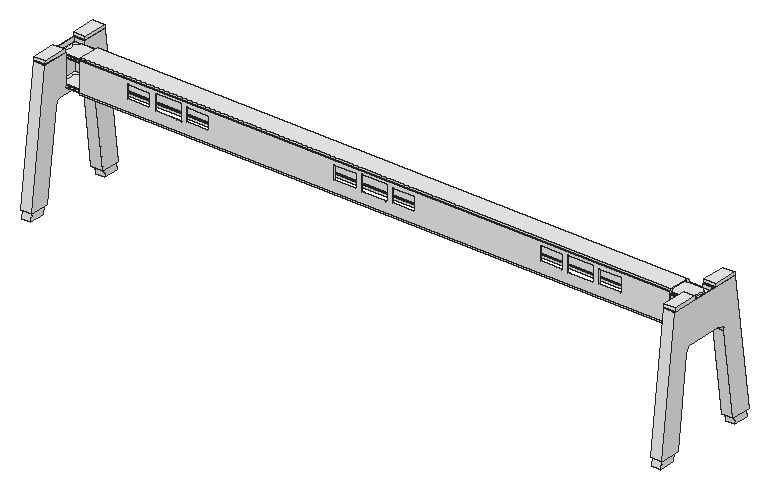
Revit family "Desk_Structures-Teknion-JNDBB_Structural_Beam_Low_Double_Sided-R2018", category Furniture, Revit 2018
Family settings
  OmniClass Number = 23.40.20.00
  OmniClass Title = General Furniture and Specialties
  Work Plane-Based = No
  Always vertical = Yes
  Cut with Voids When Loaded = No
  Shared = Yes
  Room Calculation Point = No
Parameters (values of type "Double Sided")
  Width Note [instance] = "Width of Beam can range from 24 to 84 inches in 6 inch increments"  # constant formula
  Width [instance] = 84.000"
  Warranty = "http://www.teknion.com/ca/papers/legal-canada"
  Unit Weight URL = "http://www.teknion.com/ca/tools/assets#&asset=bee6a381-b954-425e-8283-5a2de3a804f2,f828d448-4b62-4231-9e5f-9a8991c0ed77"
  URL = "www.teknion.com"
  To render please download texture images found here [instance] = "https://assets.teknion.com/web/5e81352c1dfdb467/revit-material-swatches/"
  Sustainability Data = "https://www.teknion.com/ca/tools/assets#&topic=216f99a5-57a0-44fc-b10a-9dee9b29ae4c&asset=444deb64-fe58-4b68-981e-f75e97781df7,b4ff2d81-9f2e-437d-9659-7cffb09c31cf"
  Structural Post Finish [instance] = Paint - Teknion - Mica - Very White
  Structural Beam Finish [instance] = Paint - Teknion - Mica - Very White
  Side B Leg Cutout Offset [instance] = if([Has Side B Low Structural Leg - Fence (End)], 4.025", 6.000")  # 4.025"
  Side B Leg Center Offset [instance] = if([Has Side B Low Structural Leg - Fence (End)], 2.636", 3.386")  # 2.636"
  Side B Cut [instance] = if(or(Width = 48.000", Width = 54.000", Width = 60.000", Width = 66.000", Width = 72.000", Width = 78.000", Width = 84.000"), 5.000", 1.000")  # 5.000"
  Side A Leg Cutout Offset [instance] = if([Has Side A Low Structural Leg - Fence (End)], 4.025", 6.000")  # 4.025"
  Side A Leg Center Offset [instance] = if([Has Side A Low Structural Leg - Fence (End)], 2.636", 3.386")  # 2.636"
  Side A Cut [instance] = if(or(Width = 48.000", Width = 54.000", Width = 60.000", Width = 66.000", Width = 72.000", Width = 78.000", Width = 84.000"), 5.000", 1.000")  # 5.000"
  Side A & Side B Note [instance] = "Please ensure to select only one configuration for both Side A and Side B"  # constant formula
  Series = "Cityline"  # constant formula
  Product Page URL = "http://www.teknion.com/ca/products/product-details?productlineid=9ad2a26e-8e7a-673b-a6c8-ff05004460c4"
  Product Line = "Cityline"  # constant formula
  Product Documentation Link 3 = "https://www.teknion.com/pricing/expansion-cityline/pdfs/JNDLLF_ppg.pdf"
  Product Documentation Link 2 = "https://www.teknion.com/pricing/expansion-cityline/pdfs/JNDPLY_ppg.pdf"
  Product Documentation Link = "http://www.teknion.com/pricing/expansion-cityline/pdfs/JNDBB_ppg.pdf"
  Part Number = "JNDBB"  # constant formula
  Model = "See PPG"  # constant formula
  Manufacturer Phone = "416-661-3370"  # constant formula
  Manufacturer Fax = "416.661.4586"  # constant formula
  Manufacturer Contact Information = "http://www.teknion.com/ca/contactus"
  Manufacturer Address = "1150 Flint Road, Toronto, ON. M3J 2J5. Canada"  # constant formula
  Manufacturer = "Teknion"  # constant formula
  Leg Metal Finish [instance] = Paint - Teknion - Mica - Very White
  How To Use Teknion Materials User Guide [instance] = "https://assets.teknion.com/m/205dd0a49fa58060/original/How-to-add-a-Material-Library-and-Texture-Images-to-your-Revit-project.pdf"
  Has Side Beam Cover [instance] = no
  Has Side B Low Structural Post - 120 (Two Way) [instance] = no
  Has Side B Low Structural Post - 120 (Three Way) [instance] = no
  Has Side B Low Structural Leg - Fence (In-Line) [instance] = no
  Has Side B Low Structural Leg - Fence (End) [instance] = yes
  Has Side A Low Structural Post - 120 (Two Way) [instance] = no
  Has Side A Low Structural Post - 120 (Three Way) [instance] = no
  Has Side A Low Structural Leg - Fence (End) [instance] = yes
  Has Side A Low Structural Leg - Fence (In-line) [instance] = no
  Has Bottom Beam Cover [instance] = no
  For Additional Finishes please visit [instance] = "https://assets.teknion.com/m/44a8009b046e5d47/original/Teknion_Materials_Library.zip"
  Description = "Structural Beam, Double-Sided"  # constant formula
  Center Middle Cut [instance] = if(or(Width = 24.000", Width = 30.000", Width = 36.000", Width = 42.000", Width = 66.000", Width = 72.000", Width = 78.000", Width = 84.000"), 5.000", 1.000")  # 5.000"
  Center Left & Right Cut [instance] = if(or(Width = 30.000", Width = 36.000", Width = 42.000", Width = 66.000", Width = 72.000", Width = 78.000", Width = 84.000"), 5.000", 1.000")  # 5.000"
  B Fence [instance] = or([Has Side B Low Structural Leg - Fence (End)], [Has Side B Low Structural Leg - Fence (In-Line)])  # yes
  Assembly Code = "E2020200"
  A Fence [instance] = or([Has Side A Low Structural Leg - Fence (End)], [Has Side A Low Structural Leg - Fence (In-line)])  # yes
Reference planes (in)
  plane 1 "Center Front/Back": y = 0
  plane 2: z = 0
  plane 3 "Center Left/Right": x = 0
  plane 4 "Left": x = -42
  plane 5 "Right": x = 42
  plane 6 "Back": y = 7.0606
  plane 7 "Front": y = -7.0606
  plane 8 "Top": z = 17.508
  plane 9: x = -38.614
  plane 10: x = 38.614
  plane 11: x = -41.25
  plane 12: x = 41.25
Forms (in)
  Sweep 1, solid, material "Paint - Teknion - Mica - Very White" <- "Structural Beam Finish"
    path origin (0, 0, 0) x (1, 0, 0) y (0, 1, 0)
      loop
        line (-38.614, 0) -> (38.614, 0)
    profile origin (0, 0, 0) x (0, 1, 0) y (0, 0, 1)
      loop
        line (1.51575, 13.7206) -> (1.3248, 13.7206) -> (1.3248, 13.60249) -> (1.45669, 13.60249) -> (1.45669, 13.23635) -> (1.51575, 13.23635) -> (1.51575, 13.54343) -> (1.5748, 13.54343) -> (1.5748, 17.25209) -> (1.3248, 17.25209) -> (1.3248, 17.508) -> (-1.3248, 17.508) -> (-1.3248, 17.25209) -> (-1.5748, 17.25209) -> (-1.5748, 13.54343) -> (-1.51575, 13.54343) -> (-1.51575, 13.23635) -> (-1.45669, 13.23635) -> (-1.45669, 13.60249) -> (-1.3248, 13.60249) -> (-1.3248, 13.7206) -> (-1.51575, 13.7206) -> (-1.51575, 17.07493) -> (-1.3248, 17.07493) -> (-1.3248, 17.19304) -> (-1.26575, 17.19304) -> (-1.26575, 17.44894) -> (1.26575, 17.44894) -> (1.26575, 17.19304) -> (1.3248, 17.19304) -> (1.3248, 17.07493) -> (1.51575, 17.07493) -> (1.51575, 13.7206)
  Sweep 2, solid, material "Paint - Teknion - Mica - Very White" <- "Structural Beam Finish"
    path origin (0, 0, 0) x (0, 1, 0) y (0, 0, 1)
      loop
        line (0, 17.07493) -> (0, 17.19304)
    profile origin (0, 0, 17.13398) x (0, -1, 0) y (1, 0, 0)
      loop
        line (-1.3248, -37.63) -> (-1.3248, -40.67527) -> (-0.69597, -41.3041)
        arc (-0.69597, -41.3041) -> (0, -41.04937) -> (0.69597, -41.3041) r 1.07811
        line (0.69597, -41.3041) -> (1.3248, -40.67527) -> (1.3248, -37.63) -> (-1.3248, -37.63)
      loop
        line (-1.3248, 37.63) -> (1.3248, 37.63) -> (1.3248, 40.67527) -> (0.69597, 41.3041)
        arc (0.69597, 41.3041) -> (0, 41.04937) -> (-0.69597, 41.3041) r 1.07811
        line (-0.69597, 41.3041) -> (-1.3248, 40.67527) -> (-1.3248, 37.63)
  Sweep 3, solid, material "Paint - Teknion - Mica - Very White" <- "Structural Beam Finish"
    path origin (0, 0, 0) x (0, 1, 0) y (0, 0, 1)
      loop
        line (0, 13.60249) -> (0, 13.7206)
    profile origin (0, 0, 13.66154) x (0, -1, 0) y (1, 0, 0)
      loop
        line (-1.3248, -40.67527) -> (-0.69597, -41.3041)
        arc (-0.69597, -41.3041) -> (0, -41.04937) -> (0.69597, -41.3041) r 1.07811
        line (0.69597, -41.3041) -> (1.3248, -40.67527) -> (1.3248, -37.63) -> (-1.3248, -37.63) -> (-1.3248, -40.67527)
      loop
        line (-1.3248, 40.67527) -> (-1.3248, 37.63) -> (1.3248, 37.63) -> (1.3248, 40.67527) -> (0.69597, 41.3041)
        arc (0.69597, 41.3041) -> (0, 41.04937) -> (-0.69597, 41.3041) r 1.07811
        line (-0.69597, 41.3041) -> (-1.3248, 40.67527)
  Sweep 4, void
    path origin (0, 0, 0) x (1, 0, 0) y (0, 1, 0)
      loop
        line (0, 2.8248) -> (0, -2.1752)
    profile origin (0, 0.3248, 0) x (1, 0, 0) y (0, 0, 1)
      loop
        line (-32.317, 16.789) -> (-32.317, 14.958) -> (-29.384, 14.958) -> (-29.384, 16.789) -> (-32.317, 16.789)
      loop
        line (-28.713, 16.957) -> (-28.713, 14.831) -> (-25.288, 14.831) -> (-25.288, 16.957) -> (-28.713, 16.957)
      loop
        line (-24.617, 16.789) -> (-24.617, 14.958) -> (-21.684, 14.958) -> (-21.684, 16.789) -> (-24.617, 16.789)
  Sweep 5, void
    path origin (0, 0, 0) x (1, 0, 0) y (0, 1, 0)
      loop
        line (0, 2.8248) -> (0, -2.1752)
    profile origin (0, 0.3248, 0) x (1, 0, 0) y (0, 0, 1)
      loop
        line (32.317, 14.958) -> (32.317, 16.789) -> (29.384, 16.789) -> (29.384, 14.958) -> (32.317, 14.958)
      loop
        line (28.713, 14.831) -> (28.713, 16.957) -> (25.288, 16.957) -> (25.288, 14.831) -> (28.713, 14.831)
      loop
        line (24.617, 14.958) -> (24.617, 16.789) -> (21.684, 16.789) -> (21.684, 14.958) -> (24.617, 14.958)
  Sweep 6, void
    path origin (0, 0, 0) x (1, 0, 0) y (0, 1, 0)
      loop
        line (0, -2.1752) -> (0, 2.8248)
    profile origin (0, 0.3248, 0) x (-1, 0, 0) y (0, 0, 1)
      loop
        line (1.7125, 16.957) -> (-1.7125, 16.957) -> (-1.7125, 14.831) -> (1.7125, 14.831) -> (1.7125, 16.957)
  Sweep 7, void
    path origin (0, 0, 0) x (1, 0, 0) y (0, 1, 0)
      loop
        line (0, -2.13561) -> (0, 2.86439)
    profile origin (0, 0.36439, 0) x (-1, 0, 0) y (0, 0, 1)
      loop
        line (5.3165, 16.789) -> (2.3835, 16.789) -> (2.3835, 14.958) -> (5.3165, 14.958) -> (5.3165, 16.789)
      loop
        line (-2.3835, 16.789) -> (-5.3165, 16.789) -> (-5.3165, 14.958) -> (-2.3835, 14.958) -> (-2.3835, 16.789)
  Sweep 8, solid, material "Paint - Teknion - Mica - Very White" <- "Structural Beam Finish", visible <- "Has Side Beam Cover"
    path origin (0, 0, 0) x (1, 0, 0) y (0, 1, 0)
      loop
        line (-38.614, 0) -> (38.614, 0)
    profile origin (0, 0, 0) x (0, 1, 0) y (0, 0, 1)
      loop
        line (1.5748, 17.508) -> (1.5748, 13.23635) -> (1.6928, 13.23635) -> (1.6928, 17.508) -> (1.5748, 17.508)
      loop
        line (-1.5748, 17.508) -> (-1.6928, 17.508) -> (-1.6928, 13.23635) -> (-1.5748, 13.23635) -> (-1.5748, 17.508)
  Sweep 9, solid, material "Paint - Teknion - Mica - Very White" <- "Structural Beam Finish", visible <- "Has Bottom Beam Cover"
    path origin (0, 0, 0) x (1, 0, 0) y (0, 1, 0)
      loop
        line (-38.614, 0) -> (38.614, 0)
    profile origin (0, 0, 0) x (0, 1, 0) y (0, 0, 1)
      loop
        line (1.5748, 13.23635) -> (-1.5773, 13.23635) -> (-1.5773, 13.11835) -> (1.5748, 13.11835) -> (1.5748, 13.23635)
  Sweep 10, solid, material "Paint - Teknion - Mica - Very White" <- "Leg Metal Finish", visible <- "A Fence"
    path origin (0, 0, 0) x (1, 0, 0) y (0, 1, 0)
      loop
        line (-42, 0) -> (-40.5, 0)
    profile origin (-41.25, 0, 0) x (0, 1, 0) y (0, 0, 1)
      loop
        line (4.54517, 1) -> (7.06674, 1) -> (4.89342, 17.508) -> (-4.89342, 17.508) -> (-7.06674, 1) -> (-4.54517, 1) -> (-3.11278, 11.88005)
        arc (-3.11278, 11.88005) -> (-2.82632, 12.41599) -> (-2.25757, 12.63005) r 0.86259
        line (-2.25757, 12.63005) -> (2.25757, 12.63005)
        arc (2.25757, 12.63005) -> (2.82632, 12.41599) -> (3.11278, 11.88005) r 0.86259
        line (3.11278, 11.88005) -> (4.54517, 1)
      loop
        line (1.69291, 18.00013) -> (1.69291, 17.62611) -> (4.87787, 17.62611) -> (4.82863, 18.00013) -> (1.69291, 18.00013)
      loop
        line (-1.69291, 18.00013) -> (-4.82863, 18.00013) -> (-4.87787, 17.62611) -> (-1.69291, 17.62611) -> (-1.69291, 18.00013)
  Sweep 11, solid, material "Paint - Teknion - Mica - Very White" <- "Leg Metal Finish", visible <- "B Fence"
    path origin (0, 0, 0) x (1, 0, 0) y (0, 1, 0)
      loop
        line (40.5, 0) -> (42, 0)
    profile origin (41.25, 0, 0) x (0, 1, 0) y (0, 0, 1)
      loop
        line (4.89342, 17.508) -> (-4.89342, 17.508) -> (-7.06674, 1) -> (-4.54517, 1) -> (-3.11278, 11.88005)
        arc (-3.11278, 11.88005) -> (-2.82632, 12.41599) -> (-2.25757, 12.63005) r 0.86259
        line (-2.25757, 12.63005) -> (2.25757, 12.63005)
        arc (2.25757, 12.63005) -> (2.82632, 12.41599) -> (3.11278, 11.88005) r 0.86259
        line (3.11278, 11.88005) -> (4.54517, 1) -> (7.06674, 1) -> (4.89342, 17.508)
      loop
        line (1.69291, 18.00013) -> (1.69291, 17.62611) -> (4.87787, 17.62611) -> (4.82863, 18.00013) -> (1.69291, 18.00013)
      loop
        line (-4.82863, 18.00013) -> (-4.87787, 17.62611) -> (-1.69291, 17.62611) -> (-1.69291, 18.00013) -> (-4.82863, 18.00013)
  Sweep 12, solid, visible <- "A Fence"
    path origin (0, 0, 0) x (1, 0, 0) y (0, 0, 1)
      loop
        line (0, 17.508) -> (0, 17.62611)
    profile origin (0, 0, 17.56706) x (-1, 0, 0) y (0, -1, 0)
      loop
        line (41.94094, -4.76958) -> (41.94094, -1.69291) -> (40.55906, -1.69291) -> (40.55906, -4.76958) -> (41.94094, -4.76958)
      loop
        line (41.94094, 4.76958) -> (40.55906, 4.76958) -> (40.55906, 1.69291) -> (41.94094, 1.69291) -> (41.94094, 4.76958)
  Sweep 13, solid, material "Paint - Teknion - Mica - Very White" <- "Leg Metal Finish", visible <- "B Fence"
    path origin (0, 0, 0) x (1, 0, 0) y (0, 0, 1)
      loop
        line (0, 17.508) -> (0, 17.62611)
    profile origin (0, 0, 17.56706) x (-1, 0, 0) y (0, -1, 0)
      loop
        line (-41.94094, -4.76958) -> (-40.55906, -4.76958) -> (-40.55906, -1.69291) -> (-41.94094, -1.69291) -> (-41.94094, -4.76958)
      loop
        line (-41.94094, 4.76958) -> (-41.94094, 1.69291) -> (-40.55906, 1.69291) -> (-40.55906, 4.76958) -> (-41.94094, 4.76958)
  Sweep 14, solid, material "Paint - Teknion - Mica - Very White" <- "Leg Metal Finish", visible <- "A Fence"
    path origin (0, 0, 0) x (1, 0, 0) y (0, 1, 0)
      loop
        line (-41.84252, 0) -> (-40.65748, 0)
    profile origin (-41.25, 0, 0) x (0, 1, 0) y (0, 0, 1)
      loop
        line (7.0606, 0) -> (6.92894, 1) -> (4.8817, 1) -> (5.01335, 0) -> (7.0606, 0)
      loop
        line (-7.0606, 0) -> (-5.01335, 0) -> (-4.8817, 1) -> (-6.92894, 1) -> (-7.0606, 0)
  Sweep 15, solid, material "Paint - Teknion - Mica - Very White" <- "Leg Metal Finish", visible <- "B Fence"
    path origin (0, 0, 0) x (1, 0, 0) y (0, 1, 0)
      loop
        line (41.84252, 0) -> (40.65748, 0)
    profile origin (41.25, 0, 0) x (0, -1, 0) y (0, 0, 1)
      loop
        line (-5.01335, 0) -> (-4.8817, 1) -> (-6.92894, 1) -> (-7.0606, 0) -> (-5.01335, 0)
      loop
        line (4.8817, 1) -> (5.01335, 0) -> (7.0606, 0) -> (6.92894, 1) -> (4.8817, 1)
  Sweep 16, void
    path origin (0, 0, 0) x (1, 0, 0) y (0, 1, 0)
      loop
        line (-41.88189, 0) -> (-39.24589, 0)
    profile origin (-40.56389, 0, 0) x (0, 1, 0) y (0, 0, 1)
      loop
        line (1.5748, 17.508) -> (-1.5748, 17.508) -> (-1.5748, 13.483) -> (1.5748, 13.483) -> (1.5748, 17.508)
  Sweep 17, void
    path origin (0, 0, 0) x (1, 0, 0) y (0, 1, 0)
      loop
        line (39.246, 0) -> (41.882, 0)
    profile origin (40.564, 0, 0) x (0, 1, 0) y (0, 0, 1)
      loop
        line (1.5748, 17.508) -> (-1.5748, 17.508) -> (-1.5748, 13.483) -> (1.5748, 13.483) -> (1.5748, 17.508)
  Sweep 18, solid, material "Paint - Teknion - Mica - Very White" <- "Leg Metal Finish", visible <- "Has Side A Low Structural Leg - Fence (End)"
    path origin (0, 0, 0) x (1, 0, 0) y (0, 1, 0)
      loop
        line (0, 1.5748) -> (0, -1.5748)
    profile origin (0, 0, 0) x (1, 0, 0) y (0, 0, 1)
      loop
        line (-38.73228, 16.95682) -> (-38.73228, 17.07493) -> (-41.88189, 17.07493) -> (-41.88189, 13.483) -> (-38.73228, 13.483) -> (-38.73228, 13.60249) -> (-41.76378, 13.60249) -> (-41.76378, 16.95682) -> (-38.73228, 16.95682)
  Sweep 19, solid, material "Paint - Teknion - Mica - Very White" <- "Leg Metal Finish", visible <- "Has Side B Low Structural Leg - Fence (End)"
    path origin (0, 0, 0) x (1, 0, 0) y (0, 1, 0)
      loop
        line (0, 1.5748) -> (0, -1.5748)
    profile origin (0, 0, 0) x (1, 0, 0) y (0, 0, 1)
      loop
        line (41.76378, 16.95682) -> (41.76378, 13.60249) -> (38.73228, 13.60249) -> (38.73228, 13.483) -> (41.88189, 13.483) -> (41.88189, 17.07493) -> (38.73228, 17.07493) -> (38.73228, 16.95682) -> (41.76378, 16.95682)
  Sweep 20, solid, material "Paint - Teknion - Mica - Very White" <- "Leg Metal Finish", visible <- "Has Side A Low Structural Leg - Fence (In-line)"
    path origin (0, 0, 0) x (1, 0, 0) y (0, 1, 0)
      loop
        line (-45.14961, 0) -> (-38.85039, 0)
    profile origin (-42, 0, 0) x (0, 1, 0) y (0, 0, 1)
      loop
        line (1.5748, 13.60249) -> (-1.5748, 13.60249) -> (-1.5748, 13.483) -> (1.5748, 13.483) -> (1.5748, 13.60249)
      loop
        line (1.5748, 17.07493) -> (-1.5748, 17.07493) -> (-1.5748, 16.95682) -> (1.5748, 16.95682) -> (1.5748, 17.07493)
  Sweep 21, solid, material "Paint - Teknion - Mica - Very White" <- "Leg Metal Finish", visible <- "Has Side A Low Structural Leg - Fence (In-line)"
    path origin (0, 0, 0) x (1, 0, 0) y (0, 1, 0)
      loop
        line (-43.5748, 0) -> (-40.4252, 0)
    profile origin (-42, 0, 0) x (0, 1, 0) y (0, 0, 1)
      loop
        line (1.45669, 16.95682) -> (1.45669, 13.60249) -> (1.5748, 13.60249) -> (1.5748, 16.95682) -> (1.45669, 16.95682)
      loop
        line (-1.45669, 16.95682) -> (-1.5748, 16.95682) -> (-1.5748, 13.60249) -> (-1.45669, 13.60249) -> (-1.45669, 16.95682)
  Sweep 22, solid, material "Paint - Teknion - Mica - Very White" <- "Leg Metal Finish", visible <- "Has Side B Low Structural Leg - Fence (In-Line)"
    path origin (0, 0, 0) x (1, 0, 0) y (0, 1, 0)
      loop
        line (45.14961, 0) -> (38.85039, 0)
    profile origin (42, 0, 0) x (0, -1, 0) y (0, 0, 1)
      loop
        line (-1.5748, 17.07493) -> (-1.5748, 16.957) -> (1.5748, 16.957) -> (1.5748, 17.07493) -> (-1.5748, 17.07493)
      loop
        line (-1.5748, 13.60249) -> (-1.5748, 13.483) -> (1.5748, 13.483) -> (1.5748, 13.60249) -> (-1.5748, 13.60249)
  Sweep 23, solid, material "Paint - Teknion - Mica - Very White" <- "Leg Metal Finish", visible <- "Has Side B Low Structural Leg - Fence (In-Line)"
    path origin (0, 0, 0) x (1, 0, 0) y (0, 1, 0)
      loop
        line (43.5748, 0) -> (40.4252, 0)
    profile origin (42, 0, 0) x (0, -1, 0) y (0, 0, 1)
      loop
        line (-1.45669, 16.95682) -> (-1.5748, 16.95682) -> (-1.5748, 13.60249) -> (-1.45669, 13.60249) -> (-1.45669, 16.95682)
      loop
        line (1.45669, 16.95682) -> (1.45669, 13.60249) -> (1.5748, 13.60249) -> (1.5748, 16.95682) -> (1.45669, 16.95682)
  Sweep 24, solid, material "Paint - Teknion - Mica - Very White" <- "Structural Post Finish", visible <- "Has Side A Low Structural Post - 120 (Two Way)"
    path origin (0, 0, 0) x (1, 0, 0) y (0, 0, 1)
      loop
        line (0, 17.07493) -> (0, 16.88681)
    profile origin (0, 0, 16.98087) x (0, -1, 0) y (1, 0, 0)
      loop
        line (2.04252, -44.99768) -> (3.61733, -42.27004) -> (1.5748, -41.09079) -> (1.5748, -38.73228) -> (-1.5748, -38.73228) -> (-1.5748, -41.02244) -> (-1.5748, -42.90921) -> (0.05919, -43.8526) -> (2.04252, -44.99768)
  Sweep 25, solid, material "Paint - Teknion - Mica - Very White" <- "Structural Post Finish", visible <- "Has Side A Low Structural Post - 120 (Two Way)"
    path origin (0, 0, 0) x (1, 0, 0) y (0, 0, 1)
      loop
        line (0, 13.60249) -> (0, 13.41437)
    profile origin (0, 0, 13.50843) x (0, -1, 0) y (1, 0, 0)
      loop
        line (-1.5748, -42.90921) -> (2.04252, -44.99768) -> (3.61733, -42.27004) -> (1.5748, -41.09079) -> (1.5748, -38.73228) -> (-1.5748, -38.73228) -> (-1.5748, -42.90921)
  Sweep 26, solid, material "Paint - Teknion - Mica - Very White" <- "Structural Post Finish", visible <- "Has Side A Low Structural Post - 120 (Two Way)"
    path origin (0, 0, 0) x (1, 0, 0) y (0, 0, 1)
      loop
        line (0, 13.60249) -> (0, 16.88681)
    profile origin (0, 0, 15.24465) x (-1, 0, 0) y (0, -1, 0)
      loop
        line (41.48449, 2.25671) -> (41.09079, 1.5748) -> (40.30339, 1.5748) -> (40.30339, 1.45669) -> (41.15898, 1.45669) -> (41.58677, 2.19766) -> (41.48449, 2.25671)
  Sweep 27, solid, material "Paint - Teknion - Mica - Very White" <- "Structural Post Finish", visible <- "Has Side A Low Structural Post - 120 (Two Way)"
    path origin (0, 0, 0) x (1, 0, 0) y (0, 0, 1)
      loop
        line (0, 13.17717) -> (0, 17.508)
    profile origin (0, 0, 15.34258) x (-1, 0, 0) y (0, -1, 0)
      loop
        line (43.95488, 0.00013) -> (43.8526, 0.05919) -> (42.90921, -1.5748) -> (41.02244, -1.5748) -> (41.02244, -1.69291) -> (42.9774, -1.69291) -> (43.95488, 0.00013)
  Sweep 28, solid, material "Paint - Teknion - Mica - Very White" <- "Structural Post Finish", visible <- "Has Side A Low Structural Post - 120 (Two Way)"
    path origin (0, 0, 0) x (1, 0, 0) y (0, 0, 1)
      loop
        line (0, 13.41437) -> (0, 1)
    profile origin (0, 0, 7.20719) x (0, -1, 0) y (1, 0, 0)
      loop
        line (-1.02452, -41.72548) -> (-0.27452, -43.02452) -> (1.02452, -42.27452) -> (0.27452, -40.97548) -> (-1.02452, -41.72548)
  Sweep 29, solid, material "Paint - Teknion - Mica - Very White" <- "Structural Post Finish", visible <- "Has Side A Low Structural Post - 120 (Two Way)"
    path origin (0, 0, 0) x (1, 0, 0) y (0, 0, 1)
      loop
        line (0, 0) -> (0, 1)
    profile origin (0, 0, 0.5) x (-1, 0, 0) y (0, -1, 0)
      loop
        line (41.7788, -0.82553) -> (42.82553, -0.2212) -> (42.2212, 0.82553) -> (41.17447, 0.2212) -> (41.7788, -0.82553)
  Sweep 30, solid, material "Paint - Teknion - Mica - Very White" <- "Structural Post Finish", visible <- "Has Side A Low Structural Post - 120 (Two Way)"
    path origin (0, 0, 0) x (1, 0, 0) y (0, 0, 1)
      loop
        line (0, 17.508) -> (0, 18)
    profile origin (0, 0, 17.754) x (-1, 0, 0) y (0, -1, 0)
      loop
        line (43.95481, 0) -> (41.0226, 1.69291) -> (41.0226, -1.69291) -> (42.9774, -1.69291) -> (43.95481, 0)
  Sweep 31, solid, material "Paint - Teknion - Mica - Very White" <- "Structural Post Finish", visible <- "Has Side B Low Structural Post - 120 (Two Way)"
    path origin (0, 0, 0) x (1, 0, 0) y (0, 0, 1)
      loop
        line (0, 16.88681) -> (0, 17.07493)
    profile origin (0, 0, 16.98087) x (-1, 0, 0) y (0, -1, 0)
      loop
        line (-42.27004, 3.61733) -> (-44.99768, 2.04252) -> (-43.8526, 0.05919) -> (-42.90921, -1.5748) -> (-41.02244, -1.5748) -> (-38.73228, -1.5748) -> (-38.73228, 1.5748) -> (-41.09079, 1.5748) -> (-42.27004, 3.61733)
  Sweep 32, solid, material "Paint - Teknion - Mica - Very White" <- "Structural Post Finish", visible <- "Has Side B Low Structural Post - 120 (Two Way)"
    path origin (0, 0, 0) x (1, 0, 0) y (0, 0, 1)
      loop
        line (0, 13.60249) -> (0, 13.41437)
    profile origin (0, 0, 13.50843) x (0, -1, 0) y (1, 0, 0)
      loop
        line (1.5748, 41.09079) -> (3.61733, 42.27004) -> (2.04252, 44.99768) -> (-1.5748, 42.90921) -> (-1.5748, 38.73228) -> (1.5748, 38.73228) -> (1.5748, 41.09079)
  Sweep 33, solid, material "Paint - Teknion - Mica - Very White" <- "Structural Post Finish", visible <- "Has Side B Low Structural Post - 120 (Two Way)"
    path origin (0, 0, 0) x (1, 0, 0) y (0, 0, 1)
      loop
        line (0, 16.88681) -> (0, 13.60249)
    profile origin (0, 0, 15.24465) x (0, -1, 0) y (1, 0, 0)
      loop
        line (1.5748, 41.09079) -> (2.25671, 41.48449) -> (2.19766, 41.58677) -> (1.45669, 41.15898) -> (1.45669, 40.30339) -> (1.5748, 40.30339) -> (1.5748, 41.09079)
  Sweep 34, solid, material "Paint - Teknion - Mica - Very White" <- "Structural Post Finish", visible <- "Has Side B Low Structural Post - 120 (Two Way)"
    path origin (0, 0, 0) x (1, 0, 0) y (0, 0, 1)
      loop
        line (0, 17.508) -> (0, 13.17717)
    profile origin (0, 0, 15.34258) x (0, -1, 0) y (1, 0, 0)
      loop
        line (-1.5748, 41.0226) -> (-1.5748, 42.90921) -> (0.05906, 43.85252) -> (0, 43.95481) -> (-1.69291, 42.9774) -> (-1.69291, 41.0226) -> (-1.5748, 41.0226)
  Sweep 35, solid, material "Paint - Teknion - Mica - Very White" <- "Structural Post Finish", visible <- "Has Side B Low Structural Post - 120 (Two Way)"
    path origin (0, 0, 0) x (1, 0, 0) y (0, 0, 1)
      loop
        line (0, 13.41437) -> (0, 1)
    profile origin (0, 0, 7.20719) x (0, -1, 0) y (1, 0, 0)
      loop
        line (0.27452, 40.97548) -> (1.02452, 42.27452) -> (-0.27452, 43.02452) -> (-1.02452, 41.72548) -> (0.27452, 40.97548)
  Sweep 36, solid, material "Paint - Teknion - Mica - Very White" <- "Structural Post Finish", visible <- "Has Side B Low Structural Post - 120 (Two Way)"
    path origin (0, 0, 0) x (1, 0, 0) y (0, 0, 1)
      loop
        line (0, 1) -> (0, 0)
    profile origin (0, 0, 0.5) x (0, -1, 0) y (1, 0, 0)
      loop
        line (0.2212, 41.17447) -> (0.82553, 42.2212) -> (-0.2212, 42.82553) -> (-0.82553, 41.7788) -> (0.2212, 41.17447)
  Sweep 37, solid, material "Paint - Teknion - Mica - Very White" <- "Structural Post Finish", visible <- "Has Side B Low Structural Post - 120 (Two Way)"
    path origin (0, 0, 0) x (1, 0, 0) y (0, 0, 1)
      loop
        line (0, 18.00013) -> (0, 17.508)
    profile origin (0, 0, 17.75406) x (0, -1, 0) y (1, 0, 0)
      loop
        line (0, 43.95481) -> (-1.69291, 42.9774) -> (-1.69291, 41.0226) -> (1.69291, 41.0226) -> (0, 43.95481)
  Sweep 38, solid, material "Paint - Teknion - Mica - Very White" <- "Structural Post Finish", visible <- "Has Side A Low Structural Post - 120 (Three Way)"
    path origin (0, 0, 0) x (1, 0, 0) y (0, 0, 1)
      loop
        line (0, 16.88681) -> (0, 17.07493)
    profile origin (0, 0, 16.98087) x (-1, 0, 0) y (0, -1, 0)
      loop
        line (42.27004, -3.61733) -> (44.99768, -2.04252) -> (43.81843, 0) -> (44.99768, 2.04252) -> (42.27004, 3.61733) -> (41.09079, 1.5748) -> (38.73228, 1.5748) -> (38.73228, -1.5748) -> (41.09079, -1.5748) -> (42.27004, -3.61733)
  Sweep 39, solid, material "Paint - Teknion - Mica - Very White" <- "Structural Post Finish", visible <- "Has Side A Low Structural Post - 120 (Three Way)"
    path origin (0, 0, 0) x (1, 0, 0) y (0, 0, 1)
      loop
        line (0, 13.60249) -> (0, 13.41437)
    profile origin (0, 0, 13.50843) x (0, -1, 0) y (1, 0, 0)
      loop
        line (-3.61733, -42.27004) -> (-2.04252, -44.99768) -> (0, -43.81843) -> (2.04252, -44.99768) -> (3.61733, -42.27004) -> (1.5748, -41.09079) -> (1.5748, -38.73228) -> (-1.5748, -38.73228) -> (-1.5748, -41.09079) -> (-3.61733, -42.27004)
  Sweep 40, solid, material "Paint - Teknion - Mica - Very White" <- "Structural Post Finish", visible <- "Has Side A Low Structural Post - 120 (Three Way)"
    path origin (0, 0, 0) x (1, 0, 0) y (0, 0, 1)
      loop
        line (0, 13.60249) -> (0, 16.88681)
    profile origin (0, 0, 15.24465) x (-1, 0, 0) y (0, -1, 0)
      loop
        line (44.21213, -0.68191) -> (43.81843, 0) -> (44.21213, 0.68191) -> (44.12007, 0.73506) -> (43.69568, 0) -> (44.12007, -0.73506) -> (44.21213, -0.68191)
      loop
        line (41.48449, 2.25671) -> (41.09079, 1.5748) -> (40.30339, 1.5748) -> (40.30339, 1.4685) -> (41.15216, 1.4685) -> (41.57655, 2.20356) -> (41.48449, 2.25671)
      loop
        line (40.30339, -1.5748) -> (41.09079, -1.5748) -> (41.48449, -2.25671) -> (41.57655, -2.20356) -> (41.15216, -1.4685) -> (40.30339, -1.4685) -> (40.30339, -1.5748)
  Sweep 41, solid, material "Paint - Teknion - Mica - Very White" <- "Structural Post Finish", visible <- "Has Side A Low Structural Post - 120 (Three Way)"
    path origin (0, 0, 0) x (1, 0, 0) y (0, 0, 1)
      loop
        line (0, 13.41437) -> (0, 1)
    profile origin (0, 0, 7.20719) x (0, -1, 0) y (1, 0, 0)
      loop
        line (-0.75, -42.75) -> (0.75008, -42.75) -> (0.75008, -41.25) -> (-0.75, -41.25) -> (-0.75, -42.75)
  Sweep 42, solid, material "Paint - Teknion - Mica - Very White" <- "Structural Post Finish", visible <- "Has Side A Low Structural Post - 120 (Three Way)"
    path origin (0, 0, 0) x (1, 0, 0) y (0, 0, 1)
      loop
        line (0, 1) -> (0, 0)
    profile origin (0, 0, 0.5) x (0, -1, 0) y (1, 0, 0)
      loop
        line (-0.60433, -42.60433) -> (0.60433, -42.60433) -> (0.60433, -41.39567) -> (-0.60433, -41.39567) -> (-0.60433, -42.60433)
  Sweep 43, solid, material "Paint - Teknion - Mica - Very White" <- "Structural Post Finish", visible <- "Has Side A Low Structural Post - 120 (Three Way)"
    path origin (0, 0, 0) x (1, 0, 0) y (0, 0, 1)
      loop
        line (0, 17.508) -> (0, 18)
    profile origin (0, 0, 17.754) x (-1, 0, 0) y (0, -1, 0)
      loop
        line (41.0226, -1.69291) -> (43.95481, 0) -> (41.0226, 1.69291) -> (41.0226, -1.69291)
  Sweep 44, solid, material "Paint - Teknion - Mica - Very White" <- "Structural Post Finish", visible <- "Has Side B Low Structural Post - 120 (Three Way)"
    path origin (0, 0, 0) x (1, 0, 0) y (0, 0, 1)
      loop
        line (0, 16.88681) -> (0, 17.07493)
    profile origin (0, 0, 16.98087) x (-1, 0, 0) y (0, -1, 0)
      loop
        line (-42.27004, -3.61733) -> (-41.09079, -1.5748) -> (-38.73228, -1.5748) -> (-38.73228, 1.5748) -> (-41.09079, 1.5748) -> (-42.27004, 3.61733) -> (-44.99768, 2.04252) -> (-43.81843, 0) -> (-44.99768, -2.04252) -> (-42.27004, -3.61733)
  Sweep 45, solid, material "Paint - Teknion - Mica - Very White" <- "Structural Post Finish", visible <- "Has Side B Low Structural Post - 120 (Three Way)"
    path origin (0, 0, 0) x (1, 0, 0) y (0, 0, 1)
      loop
        line (0, 13.41437) -> (0, 13.60249)
    profile origin (0, 0, 13.50843) x (-1, 0, 0) y (0, -1, 0)
      loop
        line (-44.99768, -2.04252) -> (-42.27004, -3.61733) -> (-41.09079, -1.5748) -> (-38.73228, -1.5748) -> (-38.73228, 1.5748) -> (-41.09079, 1.5748) -> (-42.27004, 3.61733) -> (-44.99768, 2.04252) -> (-43.81843, 0) -> (-44.99768, -2.04252)
  Sweep 46, solid, material "Paint - Teknion - Mica - Very White" <- "Structural Post Finish", visible <- "Has Side B Low Structural Post - 120 (Three Way)"
    path origin (0, 0, 0) x (1, 0, 0) y (0, 0, 1)
      loop
        line (0, 13.60249) -> (0, 16.88681)
    profile origin (0, 0, 15.24465) x (-1, 0, 0) y (0, -1, 0)
      loop
        line (-43.81843, 0) -> (-44.21213, -0.68191) -> (-44.12007, -0.73506) -> (-43.69568, 0) -> (-44.12007, 0.73506) -> (-44.21213, 0.68191) -> (-43.81843, 0)
      loop
        line (-41.48449, -2.25671) -> (-41.09079, -1.5748) -> (-40.30339, -1.5748) -> (-40.30339, -1.4685) -> (-41.15216, -1.4685) -> (-41.57655, -2.20356) -> (-41.48449, -2.25671)
      loop
        line (-40.30339, 1.5748) -> (-41.09079, 1.5748) -> (-41.48449, 2.25671) -> (-41.57655, 2.20356) -> (-41.15216, 1.4685) -> (-40.30339, 1.4685) -> (-40.30339, 1.5748)
  Sweep 47, solid, material "Paint - Teknion - Mica - Very White" <- "Structural Post Finish", visible <- "Has Side B Low Structural Post - 120 (Three Way)"
    path origin (0, 0, 0) x (1, 0, 0) y (0, 0, 1)
      loop
        line (0, 1) -> (0, 13.41437)
    profile origin (0, 0, 7.20719) x (-1, 0, 0) y (0, -1, 0)
      loop
        line (-41.25, -0.75) -> (-41.25, 0.75) -> (-42.75, 0.75) -> (-42.75, -0.75) -> (-41.25, -0.75)
  Sweep 48, solid, material "Paint - Teknion - Mica - Very White" <- "Structural Post Finish", visible <- "Has Side B Low Structural Post - 120 (Three Way)"
    path origin (0, 0, 0) x (1, 0, 0) y (0, 0, 1)
      loop
        line (0, 1) -> (0, 0)
    profile origin (0, 0, 0.5) x (0, -1, 0) y (1, 0, 0)
      loop
        line (-0.60433, 41.39567) -> (0.60433, 41.39567) -> (0.60433, 42.60433) -> (-0.60433, 42.60433) -> (-0.60433, 41.39567)
  Sweep 49, solid, material "Paint - Teknion - Mica - Very White" <- "Structural Post Finish", visible <- "Has Side B Low Structural Post - 120 (Three Way)"
    path origin (0, 0, 0) x (1, 0, 0) y (0, 0, 1)
      loop
        line (0, 17.508) -> (0, 18.00013)
    profile origin (0, 0, 17.75406) x (-1, 0, 0) y (0, -1, 0)
      loop
        line (-41.0226, -1.69291) -> (-41.0226, 1.69291) -> (-43.95481, 0) -> (-41.0226, -1.69291)
Cuts and joins
  Sweep 4, Sweep 5, Sweep 6, Sweep 7 cuts Sweep 1
  Sweep 16 cuts Sweep 10
  Sweep 17 cuts Sweep 11
  joined: Sweep 20, Sweep 21
  joined: Sweep 22, Sweep 23
  joined: Sweep 24, Sweep 25, Sweep 26, Sweep 27, Sweep 28, Sweep 29
  joined: Sweep 31, Sweep 32, Sweep 33, Sweep 34, Sweep 35, Sweep 36
  joined: Sweep 38, Sweep 39, Sweep 40, Sweep 41, Sweep 42, Sweep 43
  joined: Sweep 44, Sweep 45, Sweep 46, Sweep 47, Sweep 48
Lines and regions (in)
  Masking region 1
    outline origin (0, 0, 0) x (1, 0, 0) y (0, 1, 0)
      loop
        line (-38.614, 1.3248) -> (-38.614, -1.3248) -> (38.614, -1.3248) -> (38.614, 1.3248) -> (-38.614, 1.3248)
  Masking region 2
    outline origin (0, 0, 0) x (1, 0, 0) y (0, 1, 0)
      loop
        line (-38.614, 1.5748) -> (-38.614, 1.3248) -> (38.614, 1.3248) -> (38.614, 1.5748) -> (-38.614, 1.5748)
      loop
        line (-38.614, -1.3248) -> (-38.614, -1.5773) -> (38.614, -1.5773) -> (38.614, -1.3248) -> (-38.614, -1.3248)
  Masking region 3, visible <- "Has Side Beam Cover"
    outline origin (0, 0, 0) x (1, 0, 0) y (0, 1, 0)
      loop
        line (-38.614, 1.6928) -> (-38.614, 1.5748) -> (38.614, 1.5748) -> (38.614, 1.6928) -> (-38.614, 1.6928)
      loop
        line (38.614, -1.5773) -> (-38.614, -1.5773) -> (-38.614, -1.6928) -> (38.614, -1.6928) -> (38.614, -1.5773)
  Masking region 4
    outline origin (0, 0, 0) x (1, 0, 0) y (0, 1, 0)
      loop
        line (-38.614, 1.3248) -> (-40.67527, 1.3248) -> (-41.3041, 0.69597)
        arc (-41.3041, 0.69597) -> (-41.04937, 0) -> (-41.3041, -0.69597) r 1.07811
        line (-41.3041, -0.69597) -> (-40.67527, -1.3248) -> (-38.614, -1.3248) -> (-38.614, 1.3248)
      loop
        line (40.67527, 1.3248) -> (38.614, 1.3248) -> (38.614, -1.3248) -> (40.67527, -1.3248) -> (41.3041, -0.69597)
        arc (41.3041, -0.69597) -> (41.04937, 0) -> (41.3041, 0.69597) r 1.07811
        line (41.3041, 0.69597) -> (40.67527, 1.3248)
  Masking region 5, visible <- "A Fence", detail levels medium+fine
    outline origin (0, 0, 0) x (1, 0, 0) y (0, 1, 0)
      loop
        line (-40.5, 4.82863) -> (-42, 4.82863) -> (-42, 1.69291) -> (-40.5, 1.69291) -> (-40.5, 4.82863)
      loop
        line (-42, -1.69291) -> (-42, -4.82863) -> (-40.5, -4.82863) -> (-40.5, -1.69291) -> (-42, -1.69291)
  Masking region 6, visible <- "Has Side A Low Structural Leg - Fence (End)", detail levels medium+fine
    outline origin (0, 0, 0) x (1, 0, 0) y (0, 1, 0)
      loop
        line (-42, 1.69291) -> (-42, -1.69291) -> (-40.5, -1.69291) -> (-40.5, -1.5748) -> (-41.88189, -1.5748) -> (-41.88189, 1.5748) -> (-40.5, 1.5748) -> (-40.5, 1.69291) -> (-42, 1.69291)
  Masking region 7, visible <- "Has Side A Low Structural Leg - Fence (End)", detail levels medium+fine
    outline origin (0, 0, 0) x (1, 0, 0) y (0, 1, 0)
      loop
        line (-41.88189, 1.5748) -> (-41.88189, -1.5748) -> (-38.73228, -1.5748) -> (-38.73228, -1.3248) -> (-40.67527, -1.3248) -> (-41.3041, -0.69597)
        arc (-41.3041, -0.69597) -> (-41.04937, 0) -> (-41.3041, 0.69597) r 1.07811
        line (-41.3041, 0.69597) -> (-40.67527, 1.3248) -> (-38.73228, 1.3248) -> (-38.73228, 1.5748) -> (-41.88189, 1.5748)
  Masking region 8, visible <- "A Fence", detail levels medium+fine
    outline origin (0, 0, 0) x (1, 0, 0) y (0, 1, 0)
      loop
        line (-42, 7.0606) -> (-42, 4.82863) -> (-40.5, 4.82863) -> (-40.5, 7.0606) -> (-42, 7.0606)
      loop
        line (-42, -4.82863) -> (-42, -7.0606) -> (-40.5, -7.0606) -> (-40.5, -4.82863) -> (-42, -4.82863)
  Masking region 9, visible <- "Has Side A Low Structural Leg - Fence (In-line)", detail levels medium+fine
    outline origin (0, 0, 0) x (1, 0, 0) y (0, 1, 0)
      loop
        line (-38.85039, 1.5748) -> (-45.14961, 1.5748) -> (-45.14961, 1.3248) -> (-43.32473, 1.3248) -> (-42.6959, 0.69597)
        arc (-42.6959, 0.69597) -> (-42.95063, 0) -> (-42.6959, -0.69597) r 1.07811
        line (-42.6959, -0.69597) -> (-43.32473, -1.3248) -> (-45.14961, -1.3248) -> (-45.14961, -1.5748) -> (-38.85039, -1.5748) -> (-38.85039, -1.3248) -> (-40.67527, -1.3248) -> (-41.3041, -0.69597)
        arc (-41.3041, -0.69597) -> (-41.04937, 0) -> (-41.3041, 0.69597) r 1.07811
        line (-41.3041, 0.69597) -> (-40.67527, 1.3248) -> (-38.85039, 1.3248) -> (-38.85039, 1.5748)
  Masking region 10, visible <- "Has Side A Low Structural Leg - Fence (In-line)", detail levels medium+fine
    outline origin (0, 0, 0) x (1, 0, 0) y (0, 1, 0)
      loop
        line (-42, 1.69291) -> (-42, 1.5748) -> (-40.5, 1.5748) -> (-40.5, 1.69291) -> (-42, 1.69291)
      loop
        line (-42, -1.5748) -> (-42, -1.69291) -> (-40.5, -1.69291) -> (-40.5, -1.5748) -> (-42, -1.5748)
  Masking region 11, visible <- "Has Side A Low Structural Post - 120 (Three Way)", detail levels medium+fine
    outline origin (0, 0, 0) x (1, 0, 0) y (0, 1, 0)
      loop
        line (-43.85252, -0.05906) -> (-44.99768, -2.04252) -> (-44.78117, -2.16752) -> (-43.80968, -0.48485) -> (-43.33522, -0.35772) -> (-43.85252, -0.05906)
      loop
        line (-42.27004, -3.61733) -> (-41.12488, -1.63386) -> (-41.64218, -1.3352) -> (-41.51505, -1.80965) -> (-42.48655, -3.49233) -> (-42.27004, -3.61733)
      loop
        line (-41.0226, -1.5748) -> (-38.73228, -1.5748) -> (-38.73228, -1.3248) -> (-40.67527, -1.3248) -> (-41.0226, -0.97748) -> (-41.0226, -1.5748)
      loop
        line (-41.0226, 1.5748) -> (-41.0226, 0.97748) -> (-40.67527, 1.3248) -> (-38.73228, 1.3248) -> (-38.73228, 1.5748) -> (-41.0226, 1.5748)
      loop
        line (-41.12488, 1.63386) -> (-42.27004, 3.61733) -> (-42.48655, 3.49233) -> (-41.51505, 1.80965) -> (-41.64218, 1.3352) -> (-41.12488, 1.63386)
      loop
        line (-44.99768, 2.04252) -> (-43.85252, 0.05906) -> (-43.33522, 0.35772) -> (-43.80968, 0.48485) -> (-44.78117, 2.16752) -> (-44.99768, 2.04252)
  Masking region 12, visible <- "Has Side A Low Structural Post - 120 (Three Way)", detail levels medium+fine
    outline origin (0, 0, 0) x (1, 0, 0) y (0, 1, 0)
      loop
        line (-41.0226, 1.69291) -> (-43.95481, 0) -> (-41.0226, -1.69291) -> (-41.0226, 1.69291)
  Masking region 13, visible <- "Has Side A Low Structural Post - 120 (Two Way)", detail levels medium+fine
    outline origin (0, 0, 0) x (1, 0, 0) y (0, 1, 0)
      loop
        line (-38.73228, 1.5748) -> (-41.0226, 1.5748) -> (-41.0226, 0.97748) -> (-40.67527, 1.3248) -> (-38.73228, 1.3248) -> (-38.73228, 1.5748)
      loop
        line (-42.48655, -3.49233) -> (-42.27004, -3.61733) -> (-41.12488, -1.63386) -> (-41.64218, -1.3352) -> (-41.51505, -1.80965) -> (-42.48655, -3.49233)
      loop
        line (-41.0226, -1.5748) -> (-38.73228, -1.5748) -> (-38.73228, -1.3248) -> (-40.67527, -1.3248) -> (-41.0226, -0.97748) -> (-41.0226, -1.5748)
      loop
        line (-43.33522, -0.35772) -> (-43.85252, -0.05906) -> (-44.99768, -2.04252) -> (-44.78117, -2.16752) -> (-43.80968, -0.48485) -> (-43.33522, -0.35772)
  Masking region 14, visible <- "Has Side A Low Structural Post - 120 (Two Way)", detail levels medium+fine
    outline origin (0, 0, 0) x (1, 0, 0) y (0, 1, 0)
      loop
        line (-41.0226, 1.69291) -> (-42.9774, 1.69291) -> (-43.95481, 0) -> (-41.0226, -1.69291) -> (-41.0226, 1.69291)
  Masking region 15, visible <- "B Fence", detail levels medium+fine
    outline origin (0, 0, 0) x (-1, 0, 0) y (0, -1, 0)
      loop
        line (-40.5, -4.82863) -> (-40.5, -1.69291) -> (-42, -1.69291) -> (-42, -4.82863) -> (-40.5, -4.82863)
      loop
        line (-42, 1.69291) -> (-40.5, 1.69291) -> (-40.5, 4.82863) -> (-42, 4.82863) -> (-42, 1.69291)
  Masking region 16, visible <- "Has Side B Low Structural Leg - Fence (End)", detail levels medium+fine
    outline origin (0, 0, 0) x (-1, 0, 0) y (0, -1, 0)
      loop
        line (-42, -1.69291) -> (-40.5, -1.69291) -> (-40.5, -1.5748) -> (-41.88189, -1.5748) -> (-41.88189, 1.5748) -> (-40.5, 1.5748) -> (-40.5, 1.69291) -> (-42, 1.69291) -> (-42, -1.69291)
  Masking region 17, visible <- "Has Side B Low Structural Leg - Fence (End)", detail levels medium+fine
    outline origin (0, 0, 0) x (-1, 0, 0) y (0, -1, 0)
      loop
        line (-41.88189, -1.5748) -> (-38.73228, -1.5748) -> (-38.73228, -1.3248) -> (-40.67527, -1.3248) -> (-41.3041, -0.69597)
        arc (-41.3041, -0.69597) -> (-41.04937, 0) -> (-41.3041, 0.69597) r 1.07811
        line (-41.3041, 0.69597) -> (-40.67527, 1.3248) -> (-38.73228, 1.3248) -> (-38.73228, 1.5748) -> (-41.88189, 1.5748) -> (-41.88189, -1.5748)
  Masking region 18, visible <- "B Fence", detail levels medium+fine
    outline origin (0, 0, 0) x (-1, 0, 0) y (0, -1, 0)
      loop
        line (-42, -7.0606) -> (-40.5, -7.0606) -> (-40.5, -4.82863) -> (-42, -4.82863) -> (-42, -7.0606)
      loop
        line (-42, 4.82863) -> (-40.5, 4.82863) -> (-40.5, 7.0606) -> (-42, 7.0606) -> (-42, 4.82863)
  Masking region 19, visible <- "Has Side B Low Structural Leg - Fence (In-Line)", detail levels medium+fine
    outline origin (0, 0, 0) x (-1, 0, 0) y (0, -1, 0)
      loop
        line (-38.85039, -1.5748) -> (-38.85039, -1.3248) -> (-40.67527, -1.3248) -> (-41.3041, -0.69597)
        arc (-41.3041, -0.69597) -> (-41.04937, 0) -> (-41.3041, 0.69597) r 1.07811
        line (-41.3041, 0.69597) -> (-40.67527, 1.3248) -> (-38.85039, 1.3248) -> (-38.85039, 1.5748) -> (-45.14961, 1.5748) -> (-45.14961, 1.3248) -> (-43.32473, 1.3248) -> (-42.6959, 0.69597)
        arc (-42.6959, 0.69597) -> (-42.95063, 0) -> (-42.6959, -0.69597) r 1.07811
        line (-42.6959, -0.69597) -> (-43.32473, -1.3248) -> (-45.14961, -1.3248) -> (-45.14961, -1.5748) -> (-38.85039, -1.5748)
  Masking region 20, visible <- "Has Side B Low Structural Leg - Fence (In-Line)", detail levels medium+fine
    outline origin (0, 0, 0) x (-1, 0, 0) y (0, -1, 0)
      loop
        line (-42, -1.69291) -> (-40.5, -1.69291) -> (-40.5, -1.5748) -> (-42, -1.5748) -> (-42, -1.69291)
      loop
        line (-42, 1.5748) -> (-40.5, 1.5748) -> (-40.5, 1.69291) -> (-42, 1.69291) -> (-42, 1.5748)
  Masking region 21, visible <- "Has Side B Low Structural Post - 120 (Three Way)", detail levels medium+fine
    outline origin (0, 0, 0) x (-1, 0, 0) y (0, -1, 0)
      loop
        line (-43.85252, 0.05906) -> (-43.33522, 0.35772) -> (-43.80968, 0.48485) -> (-44.78117, 2.16752) -> (-44.99768, 2.04252) -> (-43.85252, 0.05906)
      loop
        line (-42.27004, 3.61733) -> (-42.48655, 3.49233) -> (-41.51505, 1.80965) -> (-41.64218, 1.3352) -> (-41.12488, 1.63386) -> (-42.27004, 3.61733)
      loop
        line (-41.0226, 1.5748) -> (-41.0226, 0.97748) -> (-40.67527, 1.3248) -> (-38.73228, 1.3248) -> (-38.73228, 1.5748) -> (-41.0226, 1.5748)
      loop
        line (-41.0226, -1.5748) -> (-38.73228, -1.5748) -> (-38.73228, -1.3248) -> (-40.67527, -1.3248) -> (-41.0226, -0.97748) -> (-41.0226, -1.5748)
      loop
        line (-41.12488, -1.63386) -> (-41.64218, -1.3352) -> (-41.51505, -1.80965) -> (-42.48655, -3.49233) -> (-42.27004, -3.61733) -> (-41.12488, -1.63386)
      loop
        line (-44.99768, -2.04252) -> (-44.78117, -2.16752) -> (-43.80968, -0.48485) -> (-43.33522, -0.35772) -> (-43.85252, -0.05906) -> (-44.99768, -2.04252)
  Masking region 22, visible <- "Has Side B Low Structural Post - 120 (Three Way)", detail levels medium+fine
    outline origin (0, 0, 0) x (-1, 0, 0) y (0, -1, 0)
      loop
        line (-41.0226, -1.69291) -> (-41.0226, 1.69291) -> (-43.95481, 0) -> (-41.0226, -1.69291)
  Masking region 23, visible <- "Has Side B Low Structural Post - 120 (Two Way)", detail levels medium+fine
    outline origin (0, 0, 0) x (-1, 0, 0) y (0, -1, 0)
      loop
        line (-38.73228, -1.5748) -> (-38.73228, -1.3248) -> (-40.67527, -1.3248) -> (-41.0226, -0.97748) -> (-41.0226, -1.5748) -> (-38.73228, -1.5748)
      loop
        line (-42.48655, 3.49233) -> (-41.51505, 1.80965) -> (-41.64218, 1.3352) -> (-41.12488, 1.63386) -> (-42.27004, 3.61733) -> (-42.48655, 3.49233)
      loop
        line (-41.0226, 1.5748) -> (-41.0226, 0.97748) -> (-40.67527, 1.3248) -> (-38.73228, 1.3248) -> (-38.73228, 1.5748) -> (-41.0226, 1.5748)
      loop
        line (-43.33522, 0.35772) -> (-43.80968, 0.48485) -> (-44.78117, 2.16752) -> (-44.99768, 2.04252) -> (-43.85252, 0.05906) -> (-43.33522, 0.35772)
  Masking region 24, visible <- "Has Side B Low Structural Post - 120 (Two Way)", detail levels medium+fine
    outline origin (0, 0, 0) x (-1, 0, 0) y (0, -1, 0)
      loop
        line (-41.0226, -1.69291) -> (-41.0226, 1.69291) -> (-43.95481, 0) -> (-42.9774, -1.69291) -> (-41.0226, -1.69291)
  symbolic lines, style "FurnitureHiddenLines", detail levels fine
    curve 1: line (-38.614, 1.51575, 0) -> (38.614, 1.51575, 0)
    curve 2: line (38.614, -1.51575, 0) -> (-38.614, -1.51575, 0)
    curve 3: line (-37.63, -1.3248, 0) -> (-37.63, 1.3248, 0)
    curve 4: line (37.63, 1.3248, 0) -> (37.63, -1.3248, 0)
  symbolic lines, style "FurnitureHiddenLines", visible <- "Has Side A Low Structural Post - 120 (Three Way)", detail levels fine
    curve 5: line (-42.75, 0.75, 0) -> (-42.75, -0.75008, 0)
    curve 6: line (-41.25, 0.75, 0) -> (-42.75, 0.75, 0)
    curve 7: line (-41.25, -0.75008, 0) -> (-41.25, 0.75, 0)
    curve 8: line (-42.75, -0.75008, 0) -> (-41.25, -0.75008, 0)
    curve 9: line (-42.60433, 0.60433, 0) -> (-42.60433, -0.60433, 0)
    curve 10: line (-42.60433, -0.60433, 0) -> (-41.39567, -0.60433, 0)
    curve 11: line (-41.39567, -0.60433, 0) -> (-41.39567, 0.60433, 0)
    curve 12: line (-41.39567, 0.60433, 0) -> (-42.60433, 0.60433, 0)
  symbolic lines, style "FurnitureHiddenLines", visible <- "Has Side A Low Structural Post - 120 (Two Way)", detail levels fine
    curve 13: line (-41.72548, 1.02452, 0) -> (-43.02452, 0.27452, 0)
    curve 14: line (-43.02452, 0.27452, 0) -> (-42.27452, -1.02452, 0)
    curve 15: line (-42.27452, -1.02452, 0) -> (-40.97548, -0.27452, 0)
    curve 16: line (-40.97548, -0.27452, 0) -> (-41.72548, 1.02452, 0)
    curve 17: line (-41.17447, -0.2212, 0) -> (-41.7788, 0.82553, 0)
    curve 18: line (-41.7788, 0.82553, 0) -> (-42.82553, 0.2212, 0)
    curve 19: line (-42.82553, 0.2212, 0) -> (-42.2212, -0.82553, 0)
    curve 20: line (-42.2212, -0.82553, 0) -> (-41.17447, -0.2212, 0)
  symbolic lines, style "FurnitureHiddenLines", visible <- "A Fence", detail levels fine
    curve 21: line (-40.65748, 4.8817, 0) -> (-40.65748, 6.92894, 0)
    curve 22: line (-40.65748, 6.92894, 0) -> (-41.84252, 6.92894, 0)
    curve 23: line (-41.84252, 6.92894, 0) -> (-41.84252, 4.8817, 0)
    curve 24: line (-41.84252, 4.8817, 0) -> (-40.65748, 4.8817, 0)
    curve 25: line (-41.84252, -4.8817, 0) -> (-41.84252, -6.92894, 0)
    curve 26: line (-41.84252, -6.92894, 0) -> (-40.65748, -6.92894, 0)
    curve 27: line (-40.65748, -6.92894, 0) -> (-40.65748, -4.8817, 0)
    curve 28: line (-40.65748, -4.8817, 0) -> (-41.84252, -4.8817, 0)
  symbolic lines, style "FurnitureHiddenLines", visible <- "Has Side B Low Structural Post - 120 (Two Way)", detail levels fine
    curve 29: line (41.72548, 1.02452, 0) -> (40.97548, -0.27452, 0)
    curve 30: line (40.97548, -0.27452, 0) -> (42.27452, -1.02452, 0)
    curve 31: line (42.27452, -1.02452, 0) -> (43.02452, 0.27452, 0)
    curve 32: line (43.02452, 0.27452, 0) -> (41.72548, 1.02452, 0)
    curve 33: line (41.7788, 0.82553, 0) -> (41.17447, -0.2212, 0)
    curve 34: line (41.17447, -0.2212, 0) -> (42.2212, -0.82553, 0)
    curve 35: line (42.2212, -0.82553, 0) -> (42.82553, 0.2212, 0)
    curve 36: line (42.82553, 0.2212, 0) -> (41.7788, 0.82553, 0)
  symbolic lines, style "FurnitureHiddenLines", visible <- "Has Side B Low Structural Post - 120 (Three Way)", detail levels fine
    curve 37: line (42.75, 0.75, 0) -> (41.25, 0.75, 0)
    curve 38: line (42.75, -0.75, 0) -> (42.75, 0.75, 0)
    curve 39: line (41.25, -0.75, 0) -> (42.75, -0.75, 0)
    curve 40: line (41.25, 0.75, 0) -> (41.25, -0.75, 0)
    curve 41: line (41.39567, 0.60433, 0) -> (41.39567, -0.60433, 0)
    curve 42: line (41.39567, -0.60433, 0) -> (42.60433, -0.60433, 0)
    curve 43: line (42.60433, -0.60433, 0) -> (42.60433, 0.60433, 0)
    curve 44: line (42.60433, 0.60433, 0) -> (41.39567, 0.60433, 0)
  symbolic lines, style "FurnitureHiddenLines", visible <- "B Fence", detail levels fine
    curve 45: line (40.65748, 6.92894, 0) -> (40.65748, 4.8817, 0)
    curve 46: line (40.65748, 4.8817, 0) -> (41.84252, 4.8817, 0)
    curve 47: line (41.84252, 4.8817, 0) -> (41.84252, 6.92894, 0)
    curve 48: line (41.84252, 6.92894, 0) -> (40.65748, 6.92894, 0)
    curve 49: line (40.65748, -4.8817, 0) -> (40.65748, -6.92894, 0)
    curve 50: line (40.65748, -6.92894, 0) -> (41.84252, -6.92894, 0)
    curve 51: line (41.84252, -6.92894, 0) -> (41.84252, -4.8817, 0)
    curve 52: line (41.84252, -4.8817, 0) -> (40.65748, -4.8817, 0)
  reference lines
    curve 53: line (-42, 7.0606, 0) -> (-42, -7.06674, 0)
    curve 54: line (42, 7.0606, 0) -> (42, -7.06674, 0)
Dimensions and locks (in)
  "Width": plane 4 "Left" to plane 5 "Right"
  locked: plane 6 "Back" to plane 7 "Front" at 14.12119
  locked: plane 8 "Top" to level at 17.508
  equal spacing: plane 4 "Left", plane 3 "Center Left/Right", plane 5 "Right"
  plane 10 to plane 5 "Right" = 3.386"
  locked: plane 4 "Left" to plane 9 at 3.386
  Sweep 1 sketch curve to Sweep 1 sketch curve to Sweep 1 sketch curve to Sweep 1 sketch curve to Sweep 1 sketch curve to Sweep 1 sketch curve to Sweep 1 sketch curve to Sweep 1 sketch curve to Sweep 1 sketch curve to Sweep 1 sketch curve to Sweep 1 sketch curve to Sweep 1 sketch curve to Sweep 1 sketch curve to Sweep 1 sketch curve to Sweep 1 sketch curve to Sweep 1 sketch curve to plane 8 "Top" = 0.000" locked, 0.30709" locked, 0.000" locked, 0.05906" locked, 0.000" locked, 0.11811" locked, 0.000" locked, 3.35433" locked, 0.000" locked, 0.11811" locked, 0.000" locked, 0.05906" locked, 0.000" locked, 0.19685" locked, 0.05906" locked, 0.000" locked
  Sweep 1 sketch curve to Sweep 1 sketch curve to Sweep 1 sketch curve to Sweep 1 sketch curve to Sweep 1 sketch curve to Sweep 1 sketch curve to Sweep 1 sketch curve to Sweep 1 sketch curve to plane 1 "Center Front/Back" to Sweep 1 sketch curve to Sweep 1 sketch curve to Sweep 1 sketch curve to Sweep 1 sketch curve to Sweep 1 sketch curve to Sweep 1 sketch curve to Sweep 1 sketch curve to Sweep 1 sketch curve = 0.05906" locked, 0.000" locked, 0.05906" locked, 0.13189" locked, 0.000" locked, 0.000" locked, 0.05906" locked, 1.26575" locked, 1.26575" locked, 0.05906" locked, 0.000" locked, 0.000" locked, 0.13189" locked, 0.05906" locked, 0.000" locked, 0.05906" locked
  plane 8 "Top" to Sweep 2 sketch curve to Sweep 2 sketch curve = 0.31496" locked, 0.11811" locked
  Sweep 2 sketch curve to Sweep 2 sketch curve to Sweep 2 sketch curve to Sweep 2 sketch curve to Sweep 2 sketch curve to plane 9 to Sweep 2 sketch curve = 0.82337" locked, 0.000" locked, 0.62883" locked, 0.000" locked, 2.06127" locked, 0.984" locked
  Sweep 2 sketch curve to plane 10 to Sweep 2 sketch curve to Sweep 2 sketch curve to Sweep 2 sketch curve to Sweep 2 sketch curve to Sweep 2 sketch curve = 0.984" locked, 2.06127" locked, 0.000" locked, 0.62883" locked, 0.000" locked, 0.82337" locked
  Sweep 2 sketch curve to Sweep 2 sketch curve to plane 1 "Center Front/Back" to Sweep 2 sketch curve to Sweep 2 sketch curve = 0.62883" locked, 0.69597" locked, 0.69597" locked, 0.62883" locked  (x2)
  plane 8 "Top" to Sweep 3 sketch curve to Sweep 3 sketch curve = 3.7874" locked, 0.11811" locked
  Sweep 3 sketch curve to Sweep 3 sketch curve to Sweep 3 sketch curve to Sweep 3 sketch curve to Sweep 3 sketch curve to plane 9 to Sweep 2 = 0.82337" locked, 0.000" locked, 0.62883" locked, 0.000" locked, 2.06127" locked, 0.984" locked
  Sweep 2 to plane 10 to Sweep 3 sketch curve to Sweep 3 sketch curve to Sweep 3 sketch curve to Sweep 3 sketch curve to Sweep 3 sketch curve = 0.984" locked, 2.06127" locked, 0.000" locked, 0.62883" locked, 0.000" locked, 0.82337" locked
  locked: plane 1 "Center Front/Back" to Sweep 4 sketch curve at 2.8248
  "Side A Cut": Sweep 4 sketch curve to Sweep 4 sketch curve
  Sweep 4 sketch curve to Sweep 4 sketch curve to Sweep 4 sketch curve to Sweep 4 sketch curve to Sweep 4 sketch curve to Sweep 4 sketch curve to plane 9 = 2.933" locked, 0.671" locked, 3.425" locked, 0.671" locked, 2.933" locked, 6.297" locked
  plane 8 "Top" to Sweep 4 sketch curve to Sweep 4 sketch curve to Sweep 4 sketch curve to Sweep 4 sketch curve to Sweep 4 sketch curve to Sweep 4 sketch curve = 0.551" locked, 0.168" locked, 0.000" locked, 1.831" locked, 0.000" locked, 0.127" locked
  locked: plane 1 "Center Front/Back" to Sweep 5 sketch curve at 2.8248
  "Side B Cut": Sweep 5 sketch curve to Sweep 5 sketch curve
  plane 10 to Sweep 5 sketch curve to Sweep 5 sketch curve to Sweep 5 sketch curve to Sweep 5 sketch curve to Sweep 5 sketch curve to Sweep 5 sketch curve = 6.297" locked, 2.933" locked, 0.671" locked, 3.425" locked, 0.671" locked, 2.933" locked
  plane 8 "Top" to Sweep 5 sketch curve to Sweep 5 sketch curve to Sweep 5 sketch curve to Sweep 5 sketch curve to Sweep 5 sketch curve to Sweep 5 sketch curve = 0.551" locked, 0.168" locked, 0.000" locked, 1.831" locked, 0.000" locked, 0.127" locked
  locked: plane 1 "Center Front/Back" to Sweep 6 sketch curve at 2.8248
  "Center Middle Cut": Sweep 6 sketch curve to Sweep 6 sketch curve
  Sweep 6 sketch curve to plane 3 "Center Left/Right" to Sweep 6 sketch curve = 1.7125" locked, 1.7125" locked
  plane 8 "Top" to Sweep 6 sketch curve to Sweep 6 sketch curve = 0.551" locked, 2.126" locked
  locked: plane 1 "Center Front/Back" to Sweep 7 sketch curve at 2.86439
  "Center Left & Right Cut": Sweep 7 sketch curve to Sweep 7 sketch curve
  Sweep 7 sketch curve to Sweep 7 sketch curve to plane 3 "Center Left/Right" to Sweep 7 sketch curve to Sweep 7 sketch curve = 2.933" locked, 2.3835" locked, 2.3835" locked, 2.933" locked
  plane 8 "Top" to Sweep 7 sketch curve to Sweep 7 sketch curve to Sweep 7 sketch curve to Sweep 7 sketch curve = 0.719" locked, 0.000" locked, 1.831" locked, 0.000" locked
  Sweep 8 sketch curve to Sweep 8 sketch curve to plane 1 "Center Front/Back" to Sweep 8 sketch curve to Sweep 8 sketch curve = 0.118" locked, 1.5748" locked, 1.5748" locked, 0.118" locked
  plane 8 "Top" to Sweep 8 sketch curve to Sweep 8 sketch curve to Sweep 8 sketch curve to Sweep 8 sketch curve = 0.000" locked, 0.000" locked, 4.27165" locked, 0.000" locked
  Sweep 9 sketch curve to plane 1 "Center Front/Back" to Sweep 9 sketch curve = 1.5748" locked, 1.5773" locked
  plane 8 "Top" to Sweep 9 sketch curve to Sweep 9 sketch curve = 4.27165" locked, 0.118" locked
  "Side A Leg Center Offset": plane 11 to plane 9
  Sweep 10 sketch curve to plane 11 to Sweep 10 sketch curve = 0.750" locked, 0.750" locked
  Sweep 10 sketch curve to Sweep 10 sketch curve to Sweep 10 sketch curve to Sweep 10 sketch curve to plane 8 "Top" to Sweep 10 sketch curve to Sweep 10 sketch curve to Sweep 10 sketch curve to Sweep 10 sketch curve to Sweep 10 sketch curve to Sweep 10 sketch curve to Sweep 10 sketch curve to Sweep 10 sketch curve = 0.000" locked, 0.37402" locked, 0.000" locked, 0.11811" locked, 0.000" locked, 4.87795" locked, 0.750" locked, 0.000" locked, 0.11259" locked, 0.000" locked, 10.76746" locked, 0.000" locked
